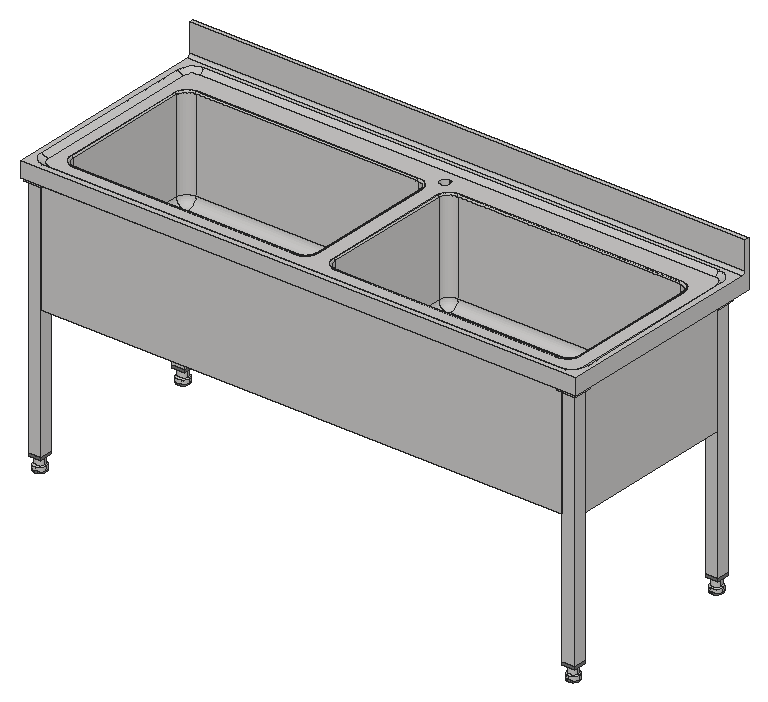
Revit family "QF_ELECTROLUXPROFESSIONAL_133117_VLP1802SEN", category Attrezzature speciali, Revit 2020
Family settings
  Quota connettore circolare = Usa diametro
  Tipo di parte = Normale
  Basato su piano di lavoro = No
  Sempre verticale = Sì
  Taglio con vuoti quando caricato = No
  Condiviso = No
  Punto di calcolo locali = No
Parameters (values of type "Standard")
  Weight = 72.00 kg
  Watts = 0 W
  Volts = 0 V
  URL Manufacturer = "https://www.electroluxprofessional.com/"
  URL = "https://www.electroluxprofessional.com/"
  Steam Supply Size = 0 mm
  Steam Supply Minimum Pressure = 0.0 Pa
  Steam Supply Maximum Pressure = 0.0 Pa
  Steam Consumption per Hour = 0
  Refrigeration Suction Line Size = 0.0 mm
  Refrigeration Liquid Line Size = 0.0 mm
  Refrigerant Compressor Remote = yes
  Prospetto di default = 0.0 mm
  Phase = 0
  Modello = "VLP1802SEN"
  Produttore = "Electrolux Professional"
  Length Actual = 1800.0 mm  # constant formula
  Item Number = "133117"
  Hot Water Size = 0 mm
  Height Actual = 900.0 mm  # constant formula
  HP = "0 HP"
  Gas Size = 0 mm
  Gas KW = 0
  Gas Input Pressure = 0 W
  Direct Waste Size = 50.8 mm
  Descrizione = "SOAKING SINK UNIT, WITH 2 BOWLS (800X510X340MM), 1800MM"
  Depth Actual = 700.0 mm  # constant formula
  Cycle = 0 Hz
  Condensate Return Size = 0 mm
  Compressed Air Volume = 0.0 L/s
  Compressed Air Size = 0 mm
  Compressed Air Pressure = 0.0 Pa
  Cold Water Size = 0 mm
  Accessory = yes
Reference planes
  plane 1 "Center (Front/Back)": y = 0
  plane 2: z = 0
  plane 3 "LEFT": x = -1000
  plane 4 "RIGHT": x = 800
  plane 5 "BACK": y = 350
  plane 6 "FRONT": y = -350
  plane 7 "Base": z = 850
  plane 8 "TOP": z = 900
  plane 9 "Sink_Base": z = 608
  plane 10: z = 441
  plane 11 "PlaneGrid": z = 890
  plane 12: y = 246.5
  plane 13: y = 141
  plane 14 "Center (Left/Right)": x = -100
  plane 15: x = -205
  plane 16: x = 5
Forms (mm)
  Extrusion 1, solid, material "QF_Finishes_Stainless Steel"
    sketch origin (-100, 0, 0) x (0, 1, 0) y (0, 0, 1)
      loop
        line (-350, 850) -> (350, 850) -> (350, 1000) -> (337, 1000) -> (337, 910)
        arc (337, 910) -> (334.071, 902.929) -> (327, 900) r 10
        line (327, 900) -> (-350, 900) -> (-350, 850)
    from 900 to -900
  Extrusion 2, void
    sketch origin (-106.5, -23.5, 608) x (0, -1, 0) y (1, 0, 0)
      loop
        circle (-270, 6.5) r 16
    from 292 to 170.245
  Blend 3, void
    base sketch origin (0, 0, 900) x (0, 1, 0) y (-1, 0, 0)
      loop
        arc (312.89, 934.89) -> (298.832, 968.832) -> (264.89, 982.89) r 48
        line (264.89, 982.89) -> (-284.89, 982.89)
        arc (-284.89, 982.89) -> (-318.832, 968.832) -> (-332.89, 934.89) r 48
        line (-332.89, 934.89) -> (-332.89, -734.89)
        arc (-332.89, -734.89) -> (-318.832, -768.832) -> (-284.89, -782.89) r 48
        line (-284.89, -782.89) -> (264.89, -782.89)
        arc (264.89, -782.89) -> (298.832, -768.832) -> (312.89, -734.89) r 48
        line (312.89, -734.89) -> (312.89, 934.89)
    top sketch origin (0, 0, 900) x (0, 1, 0) y (-1, 0, 0)
      loop
        arc (-284.457, 964.457) -> (-305.67, 955.67) -> (-314.457, 934.457) r 30
        line (-314.457, 934.457) -> (-314.457, -734.985)
        arc (-314.457, -734.985) -> (-305.67, -756.198) -> (-284.457, -764.985) r 30
        line (-284.457, -764.985) -> (264.457, -764.985)
        arc (264.457, -764.985) -> (285.67, -756.198) -> (294.457, -734.985) r 30
        line (294.457, -734.985) -> (294.457, 934.457)
        arc (294.457, 934.457) -> (285.67, 955.67) -> (264.457, 964.457) r 30
        line (264.457, 964.457) -> (-284.457, 964.457)
    from 0 to -10
  Extrusion 4, void
    sketch origin (100, -25.02, 900) x (0, 1, 0) y (-1, 0, 0)
      loop
        arc (247.02, 986) -> (235.304, 1014.284) -> (207.02, 1026) r 40
        line (207.02, 1026) -> (-212.98, 1026)
        arc (-212.98, 1026) -> (-241.264, 1014.284) -> (-252.98, 986) r 40
        line (-252.98, 986) -> (-252.98, 264)
        arc (-252.98, 264) -> (-241.264, 235.716) -> (-212.98, 224) r 40
        line (-212.98, 224) -> (207.02, 224)
        arc (207.02, 224) -> (235.304, 235.716) -> (247.02, 264) r 40
        line (247.02, 264) -> (247.02, 986)
      loop
        line (-252.98, 136) -> (-252.98, -586)
        arc (-252.98, -586) -> (-241.264, -614.284) -> (-212.98, -626) r 40
        line (-212.98, -626) -> (207.02, -626)
        arc (207.02, -626) -> (235.304, -614.284) -> (247.02, -586) r 40
        line (247.02, -586) -> (247.02, 136)
        arc (247.02, 136) -> (235.304, 164.284) -> (207.02, 176) r 40
        line (207.02, 176) -> (-212.98, 176)
        arc (-212.98, 176) -> (-241.264, 164.284) -> (-252.98, 136) r 40
    from 63.904 to -121.755
Cuts and joins
  Extrusion 2, Blend 3, Extrusion 4 cuts Extrusion 1
Lines and regions (mm)
  symbolic lines
    curve 1: line (800, 350, 900) -> (-1000, 350, 900)
    curve 2: line (-1000, 350, 900) -> (-1000, -350, 900)
    curve 3: line (-1000, -350, 900) -> (800, -350, 900)
    curve 4: line (800, -350, 900) -> (800, 350, 900)
    curve 5: line (800, 337, 900) -> (-1000, 337, 900)
    curve 6: line (-982.89, -257.89, 900) -> (-982.89, 237.89, 900)
    curve 7: circle (-100, 246.5, 900) r 16 normal (0, 0, 1)
    curve 8: arc (-982.89, 264.89, 900) -> (-968.832, 298.832, 900) -> (-934.89, 312.89, 900) r 48
    curve 9: line (-934.89, 312.89, 900) -> (734.89, 312.89, 900)
    curve 10: line (-982.89, -284.89, 900) -> (-982.89, 264.89, 900)
    curve 11: arc (-934.89, -332.89, 900) -> (-968.832, -318.832, 900) -> (-982.89, -284.89, 900) r 48
    curve 12: line (734.89, -332.89, 900) -> (-934.89, -332.89, 900)
    curve 13: arc (782.89, -284.89, 900) -> (768.832, -318.832, 900) -> (734.89, -332.89, 900) r 48
    curve 14: line (782.89, 264.89, 900) -> (782.89, -284.89, 900)
    curve 15: arc (734.89, 312.89, 900) -> (768.832, 298.832, 900) -> (782.89, 264.89, 900) r 48
    curve 16: line (764.985, -284.457, 900) -> (764.985, 264.457, 900)
    curve 17: arc (764.985, 264.457, 900) -> (756.198, 285.67, 900) -> (734.985, 294.457, 900) r 30
    curve 18: line (734.985, 294.457, 900) -> (-934.457, 294.457, 900)
    curve 19: arc (-934.457, 294.457, 900) -> (-955.67, 285.67, 900) -> (-964.457, 264.457, 900) r 30
    curve 20: line (-964.457, 264.457, 900) -> (-964.457, -284.457, 900)
    curve 21: arc (-964.457, -284.457, 900) -> (-955.67, -305.67, 900) -> (-934.457, -314.457, 900) r 30
    curve 22: line (-934.457, -314.457, 900) -> (734.985, -314.457, 900)
    curve 23: arc (734.985, -314.457, 900) -> (756.198, -305.67, 900) -> (764.985, -284.457, 900) r 30
Dimensions and locks
  plane 3 "LEFT" to plane 4 "RIGHT" = 1800.0 mm  (x2)
  locked: plane 7 "Base" to level at 850
  locked: Extrusion 1 to level at 1000
  plane 8 "TOP" to level = 900.0 mm
  plane 5 "BACK" to plane 6 "FRONT" = 700.0 mm
  equal spacing: plane 5 "BACK", plane 1 "Center (Front/Back)", plane 6 "FRONT"
  plane 9 "Sink_Base" to level = 608.0 mm
  plane 10 to level = 441.0 mm
  locked: plane 5 "BACK" to plane 13 at 209
  aligned and locked: level to plane 2
  aligned and locked: curve 2 to plane 3 "LEFT"
Automatic sketch dimensions
  plane 6 "FRONT" to Blend 3 sketch curve = 17.11 mm
  Blend 3 sketch curve to Blend 3 sketch curve = 48.0 mm  (x3)
  plane 3 "LEFT" to Blend 3 sketch curve = 17.11 mm
  plane 6 "FRONT" to Blend 3 sketch curve = 65.11 mm
  Blend 3 sketch curve to plane 5 "BACK" = 37.11 mm
  Blend 3 sketch curve to plane 4 "RIGHT" = 65.11 mm
  curve 3 to plane 4 "RIGHT" = 0.0 mm
  curve 3 to plane 6 "FRONT" = 0.0 mm
  curve 4 to plane 5 "BACK" = 0.0 mm
  curve 5 to plane 5 "BACK" = 13.0 mm
  plane 6 "FRONT" to curve 6 = 92.11 mm
  plane 3 "LEFT" to curve 6 = 17.11 mm
  plane 6 "FRONT" to Blend 3 sketch curve = 35.543 mm
  Blend 3 sketch curve to Blend 3 sketch curve = 30.0 mm  (x3)
  Blend 3 sketch curve to plane 4 "RIGHT" = 35.015 mm
  plane 3 "LEFT" to Blend 3 sketch curve = 65.543 mm
  curve 9 to plane 5 "BACK" = 37.11 mm
  curve 8 to curve 6 = 48.0 mm
  curve 10 to curve 6 = 27.0 mm
  curve 11 to curve 11 = 48.0 mm
  curve 12 to plane 4 "RIGHT" = 65.11 mm
  curve 13 to curve 13 = 48.0 mm
  curve 15 to curve 16 = 17.905 mm
  curve 17 to curve 15 = 0.095 mm
  curve 13 to curve 16 = 0.433 mm
  curve 18 to curve 8 = 0.433 mm
  curve 19 to curve 8 = 0.433 mm
  curve 11 to curve 20 = 0.433 mm
  curve 21 to curve 11 = 0.433 mm
  curve 22 to curve 13 = 0.095 mm
  plane 6 "FRONT" to Extrusion 4 sketch curve = 72.0 mm  (x2)
  Extrusion 4 sketch curve to Extrusion 4 sketch curve = 40.0 mm  (x5)
  Extrusion 4 sketch curve to Extrusion 4 sketch curve = 0.0 mm  (x2)
  Extrusion 4 sketch curve to plane 4 "RIGHT" = 114.0 mm
  plane 3 "LEFT" to Extrusion 4 sketch curve = 114.0 mm
  curve 19 to curve 18 = 30.0 mm
  curve 17 to curve 17 = 30.0 mm
  curve 7 to plane 5 "BACK" = 103.5 mm
  curve 6 to curve 8 = 27.0 mm
  Extrusion 2 sketch curve to plane 5 "BACK" = 103.5 mm
  Blend 3 sketch curve to plane 5 "BACK" = 85.543 mm  (x2)
  Extrusion 4 sketch curve to plane 12 = 64.5 mm  (x3)
  Extrusion 4 sketch curve to Extrusion 4 sketch curve = 48.0 mm
  curve 15 to curve 7 = 834.89 mm
  Extrusion 2 sketch curve to plane 4 "RIGHT" = 900.0 mm
  Extrusion 4 sketch curve to plane 4 "RIGHT" = 836.0 mm
  Extrusion 1 sketch curve to plane 6 "FRONT" = 0.0 mm
  Extrusion 1 sketch curve to plane 8 "TOP" = 0.0 mm
  Extrusion 1 sketch curve to plane 5 "BACK" = 0.0 mm
  Extrusion 1 sketch curve to plane 7 "Base" = 0.0 mm
  plane 8 "TOP" to Extrusion 1 sketch curve = 10.0 mm
  Extrusion 1 sketch curve to plane 5 "BACK" = 23.0 mm
  Extrusion 1 sketch curve to Extrusion 1 sketch curve = 90.0 mm
  radius of Extrusion 2 sketch curve = 16.0 mm
  radius of curve 7 = 16.0 mm
Nested families
  nested 1: "SINK_Vasca80x50_T3_DEEP" at (-524.949, -28, 0), type "SINK_Vasca80x50_T3_DEEP"
  nested 2: "SINK_Vasca80x50_T3_DEEP" at (324.949, -28, 0) x (-1, 0, 0) z (0, 0, 1), type "SINK_Vasca80x50_T3_DEEP"
  nested 3: "TAV_W1800_CASSH" at (-250, 0, 0), type "TAV_W1800_CASSH"
Connectors
  piping at (-205, 141, 528.5), diameter 30
    settings: on nested 1, index 1, connector inside diameter 609.6 mm, connector length 0.0 mm, flow factor 0, pipe flow 0.0 L/s, pressure drop 0.0 Pa, fitting loss kfactor 0, connector angle 0.00°, fixture units 0, engagement length 0.0 mm, angle of deflection 0.00°, flow configuration 1, flow direction 2, fitting loss method 0, system type 16, joint type 0, gender type 0, connector reference index -1, connector utility 0, adjustable connector no, is connector primary yes, connector description "Drain 1"
  piping at (5, 141, 528.5), diameter 30
    settings: on nested 2, index 2, connector inside diameter 609.6 mm, connector length 0.0 mm, flow factor 0, pipe flow 0.0 L/s, pressure drop 0.0 Pa, fitting loss kfactor 0, connector angle 0.00°, fixture units 0, engagement length 0.0 mm, angle of deflection 0.00°, flow configuration 1, flow direction 2, fitting loss method 0, system type 16, joint type 0, gender type 0, connector reference index -1, connector utility 0, adjustable connector no, is connector primary no, connector description "Drain 2"
Definition of nested family "SINK_Vasca80x50_T3_DEEP"
  Parameters
    Width = 800.0 mm
    ScaricoY = 80.0 mm
    ScaricoX = 80.0 mm
    Default Elevation = 0.0 mm
    Height_Top = 900.0 mm
    FEET = 850.0 mm
    Depth = 500.0 mm
  Reference planes
    plane 1 "Center (Front/Back)": y = 0
    plane 2: z = 0
    plane 3 "Center (Left/Right)": x = 0
    plane 4 "Top": z = 900
    plane 5 "Left": x = -400
    plane 6 "Right": x = 400
    plane 7 "Back": y = 250
    plane 8 "Front": y = -250
    plane 9 "BaseVasca": z = 558
    plane 10: y = 169
    plane 11: x = 319.949
  Forms (mm)
    Sweep 1, solid
      path origin (1.49, 0, 900) x (-1, 0, 0) y (0, -1, 0)
        loop
          line (-398.51, 210) -> (-398.51, -210)
          arc (-398.51, -210) -> (-386.794, -238.284) -> (-358.51, -250) r 40
          line (-358.51, -250) -> (360.416, -250)
          arc (360.416, -250) -> (389.46, -237.97) -> (401.49, -208.926) r 41.074
          line (401.49, -208.926) -> (401.49, 209.721)
          arc (401.49, 209.721) -> (389.693, 238.203) -> (361.211, 250) r 40.279
          line (361.211, 250) -> (-358.51, 250)
          arc (-358.51, 250) -> (-386.794, 238.284) -> (-398.51, 210) r 40
      profile origin (400, 0, 900) x (-1, 0, 0) y (0, 0, 1)
        loop
          arc (5, -15) -> (3.536, -11.464) -> (0, -10) r 5
          line (0, -10) -> (0, -11.5)
          arc (0, -11.5) -> (2.475, -12.525) -> (3.5, -15) r 3.5
          line (3.5, -15) -> (3.5, -310.5)
          arc (3.5, -310.5) -> (12.726, -332.774) -> (35, -342) r 31.5
          line (35, -342) -> (35, -340.5)
          arc (35, -340.5) -> (13.787, -331.713) -> (5, -310.5) r 30
          line (5, -310.5) -> (5, -15)
    Revolve 2, solid
      sketch origin (319.949, -10, 0) x (0, 1, 0) y (0, 0, 1)
        loop
          line (195.5, 542.617) -> (207.058, 549.84) -> (207.058, 558) -> (205.558, 558) -> (205.558, 550.671) -> (194, 543.449) -> (194, 528.5) -> (195.5, 528.5) -> (195.5, 542.617)
        axis (179, 558) -> (179, 528.5)
      angle from 0 to 360
    Extrusion 3, solid
      sketch origin (49, 0, 558) x (0, -1, 0) y (1, 0, 0)
        loop
          line (-215, 311) -> (-215, -407.926)
          arc (-215, -407.926) -> (-213.221, -412.221) -> (-208.926, -414) r 6.074
          line (-208.926, -414) -> (209.721, -414)
          arc (209.721, -414) -> (213.454, -412.454) -> (215, -408.721) r 5.279
          line (215, -408.721) -> (215, 311)
          arc (215, 311) -> (213.536, 314.536) -> (210, 316) r 5
          line (210, 316) -> (-210, 316)
          arc (-210, 316) -> (-213.536, 314.536) -> (-215, 311) r 5
      from 0 to 1.5
    Extrusion 4, void
      sketch origin (0, 0, 558) x (0, -1, 0) y (1, 0, 0)
        loop
          circle (-169, 319.949) r 28
      from -140.513 to 32.144
  Cuts and joins
    Extrusion 4 cuts Sweep 1
    Extrusion 4 cuts Extrusion 3
    joined: Sweep 1, Extrusion 3
  Lines and regions (mm)
    symbolic lines
      curve 1: circle (319.949, 169.058, 0) r 16.5 normal (0, 0, -1)
      curve 2: arc (-360, 250, 0) -> (-388.284, 238.284, 0) -> (-400, 210, 0) r 40
      curve 3: arc (-400, -210, 0) -> (-388.284, -238.284, 0) -> (-360, -250, 0) r 40
      curve 4: line (-400, 210, 0) -> (-400, -210, 0)
      curve 5: line (-360, -250, 0) -> (360, -250, 0)
      curve 6: line (360, 250, 0) -> (-360, 250, 0)
      curve 7: arc (360, -250, 0) -> (388.284, -238.284, 0) -> (400, -210, 0) r 40
      curve 8: arc (400, 210, 0) -> (388.284, 238.284, 0) -> (360, 250, 0) r 40
      curve 9: line (400, 210, 0) -> (400, -210, 0)
  Dimensions and locks
    equal spacing: plane 5 "Left", plane 3 "Center (Left/Right)", plane 6 "Right"
    "Width": plane 5 "Left" to plane 6 "Right"
    equal spacing: plane 7 "Back", plane 1 "Center (Front/Back)", plane 8 "Front"
    "Depth": plane 7 "Back" to plane 8 "Front"
    "Height_Top": plane 4 "Top" to level
    plane 9 "BaseVasca" to level = 558.0 mm
    aligned and locked: level to plane 2
  Automatic sketch dimensions
    curve 4 to plane 5 "Left" = 0.0 mm
    curve 6 to plane 7 "Back" = 0.0 mm
    curve 3 to plane 8 "Front" = 0.0 mm
    curve 1 to plane 11 = 0.0 mm
    curve 7 to plane 6 "Right" = 0.0 mm
    curve 4 to curve 3 = 40.0 mm
    plane 5 "Left" to curve 6 = 40.0 mm
    curve 6 to plane 6 "Right" = 40.0 mm
    curve 5 to plane 6 "Right" = 40.0 mm
    plane 10 to curve 1 = 0.058 mm
    Sweep 1 sketch curve to plane 6 "Right" = 0.0 mm
    Sweep 1 sketch curve to plane 8 "Front" = 0.0 mm
    Sweep 1 sketch curve to plane 7 "Back" = 0.0 mm
    Sweep 1 sketch curve to plane 5 "Left" = 0.0 mm
    Sweep 1 sketch curve to Sweep 1 sketch curve = 40.0 mm  (x2)
    plane 10 to Sweep 1 sketch curve = 39.926 mm
    plane 5 "Left" to Sweep 1 sketch curve = 40.279 mm
    Sweep 1 sketch curve to Sweep 1 sketch curve = 0.0 mm  (x4)
    Sweep 1 sketch curve to profile plane = 0.0 mm
    Sweep 1 sketch curve to profile plane = 3.5 mm
    Sweep 1 sketch curve to Sweep 1 sketch curve = 1.5 mm
    Sweep 1 sketch curve to Sweep 1 sketch curve = 30.0 mm
    Sweep 1 sketch curve to plane 4 "Top" = 342.0 mm
    Sweep 1 sketch curve to plane 4 "Top" = 15.0 mm
    Revolve 2 sketch curve to plane 10 = 0.0 mm
    plane 9 "BaseVasca" to Revolve 2 sketch curve = 0.0 mm
    plane 10 to Revolve 2 sketch curve = 15.0 mm
    Revolve 2 sketch curve to Revolve 2 sketch curve = 1.5 mm  (x2)
    Revolve 2 sketch curve to Revolve 2 sketch curve = 10.058 mm
    plane 9 "BaseVasca" to Revolve 2 sketch curve = 7.329 mm
    Revolve 2 sketch curve to Revolve 2 sketch curve = 0.831 mm  (x2)
    Revolve 2 sketch curve to Revolve 2 sketch curve = 7.222 mm
    Revolve 2 sketch curve to Revolve 2 sketch curve = 14.117 mm
    Revolve 2 sketch curve to Revolve 2 sketch curve = 22.0 mm
    Revolve 2 sketch curve to plane 9 "BaseVasca" = 88.5 mm
    Extrusion 4 sketch curve to plane 10 = 0.0 mm
    Extrusion 4 sketch curve to plane 11 = 0.0 mm
    Extrusion 3 sketch curve to plane 7 "Back" = 35.0 mm
    Extrusion 3 sketch curve to Extrusion 3 sketch curve = 6.074 mm
    plane 5 "Left" to Extrusion 3 sketch curve = 35.0 mm
    Extrusion 3 sketch curve to Extrusion 3 sketch curve = 5.0 mm
    plane 8 "Front" to Extrusion 3 sketch curve = 40.0 mm
    Extrusion 3 sketch curve to Extrusion 3 sketch curve = 5.279 mm
    Extrusion 3 sketch curve to plane 6 "Right" = 40.0 mm  (x2)
    radius of curve 1 = 16.5 mm
    radius of Extrusion 4 sketch curve = 28.0 mm
Definition of nested family "TAV_W1800_CASSH"
  Parameters
    Default Elevation = 0.0 mm
    Model = "TAV_W1800_CASSH"
    Manufacturer = "Electrolux Professional"
    Description = ""
  Reference planes
    plane 1 "Center (Front/Back)": y = 0
    plane 2: z = 0
    plane 3 "Center (Left/Right)": x = 150
    plane 4 "LEFT": x = -750
    plane 5 "RIGHT": x = 1050
    plane 6 "BACK": y = 350
    plane 7 "FRONT": y = -350
    plane 8 "Base": z = 850
    plane 9 "TOP": z = 900
    plane 10: x = -714.5
    plane 11: x = 1014.5
    plane 12: y = 265.5
    plane 13: y = -314.5
    plane 14: x = -694.5
    plane 15: x = 994.5
    plane 16 "RIPIANO": z = 200
  Forms (mm)
    Extrusion 1, solid
      sketch origin (0, 0.5, 850) x (0, 1, 0) y (-1, 0, 0)
        loop
          line (245, 734.5) -> (-295, 734.5) -> (-295, 733) -> (245, 733) -> (245, 734.5)
        loop
          line (-295, -1034.5) -> (285, -1034.5) -> (285, -1033) -> (-295, -1033) -> (-295, -1034.5)
        loop
          line (-335, 694.5) -> (-335, -994.5) -> (-333.5, -994.5) -> (-333.5, 694.5) -> (-335, 694.5)
      from -10 to -370
    Extrusion 2, solid
      sketch origin (-4.534, 0, 850) x (0, 1, 0) y (-1, 0, 0)
        loop
          line (235.5, 729.966) -> (-284.5, 729.966) -> (-284.5, 689.966) -> (235.5, 689.966) -> (235.5, 729.966)
        loop
          line (-334.506, 679.966) -> (-334.506, -989.034) -> (-294.506, -989.034) -> (-294.506, 679.966) -> (-334.506, 679.966)
        loop
          line (-284.5, -1039.034) -> (235.5, -1039.034) -> (235.5, -999.034) -> (-284.5, -999.034) -> (-284.5, -1039.034)
        loop
          line (285.5, 679.966) -> (245.5, 679.966) -> (245.5, -989.034) -> (285.5, -989.034) -> (285.5, 679.966)
      from 0 to -10
  Lines and regions (mm)
    symbolic lines, detail levels coarse
      curve 1: line (-750, 350, 200) -> (1050, 350, 200)
      curve 2: line (-750, -350, 200) -> (-750, 350, 200)
      curve 3: line (1050, -350, 200) -> (-750, -350, 200)
      curve 4: line (1050, 350, 200) -> (1050, -350, 200)
  Dimensions and locks
    plane 4 "LEFT" to plane 5 "RIGHT" = 1800.0 mm
    equal spacing: plane 4 "LEFT", plane 3 "Center (Left/Right)", plane 5 "RIGHT"
    locked: plane 8 "Base" to level at 850
    plane 4 "LEFT" to plane 10 = 35.5 mm
    plane 11 to plane 5 "RIGHT" = 35.5 mm
    plane 10 to plane 11 = 1729.0 mm
    plane 9 "TOP" to level = 900.0 mm
    plane 6 "BACK" to plane 12 = 84.5 mm
    plane 13 to plane 7 "FRONT" = 35.5 mm
    plane 6 "BACK" to plane 7 "FRONT" = 700.0 mm
    plane 12 to plane 13 = 580.0 mm
    equal spacing: plane 6 "BACK", plane 1 "Center (Front/Back)", plane 7 "FRONT"
    locked: plane 14 to plane 4 "LEFT" at 55.5
    locked: plane 5 "RIGHT" to plane 15 at 55.5
    plane 16 "RIPIANO" to level = 200.0 mm
    plane 2 to plane 16 "RIPIANO" to plane 8 "Base" = 200.0 mm, 650.0 mm
    aligned and locked: level to plane 2
    aligned and locked: plane 10 to nested 1
    aligned and locked: nested 1 to plane 13
    aligned and locked: plane 11 to nested 2
    aligned and locked: nested 2 to plane 13
    aligned and locked: plane 11 to nested 4
    aligned and locked: nested 4 to plane 12
    aligned and locked: plane 10 to nested 3
    aligned and locked: nested 3 to plane 12
    aligned and locked: plane 14 to Extrusion 1 sketch curve
    aligned and locked: Extrusion 1 sketch curve to plane 15
    aligned and locked: Extrusion 1 to Extrusion 2
  Automatic sketch dimensions
    plane 7 "FRONT" to Extrusion 1 sketch curve = 15.5 mm
    plane 13 to Extrusion 1 sketch curve = 20.0 mm  (x2)
    plane 4 "LEFT" to Extrusion 1 sketch curve = 15.5 mm
    Extrusion 1 sketch curve to plane 5 "RIGHT" = 15.5 mm
    Extrusion 1 sketch curve to Extrusion 1 sketch curve = 1.5 mm  (x3)
    Extrusion 1 sketch curve to plane 6 "BACK" = 104.5 mm
    Extrusion 1 sketch curve to plane 6 "BACK" = 64.5 mm
    plane 15 to Extrusion 2 sketch curve = 10.0 mm  (x2)
    plane 7 "FRONT" to Extrusion 2 sketch curve = 15.494 mm
    plane 13 to Extrusion 2 sketch curve = 19.994 mm
    Extrusion 2 sketch curve to plane 5 "RIGHT" = 15.5 mm
    plane 13 to Extrusion 2 sketch curve = 30.0 mm  (x2)
    Extrusion 2 sketch curve to plane 14 = 0.0 mm
    Extrusion 2 sketch curve to plane 12 = 30.0 mm  (x2)
    Extrusion 2 sketch curve to plane 12 = 20.0 mm
    plane 12 to Extrusion 2 sketch curve = 20.0 mm
    Extrusion 2 sketch curve to plane 15 = 0.0 mm
    Extrusion 2 sketch curve to plane 14 = 10.0 mm  (x2)
    Extrusion 2 sketch curve to plane 10 = 20.0 mm
    curve 3 to plane 4 "LEFT" = 0.0 mm
    curve 3 to plane 7 "FRONT" = 0.0 mm
    curve 2 to plane 6 "BACK" = 0.0 mm
    curve 1 to plane 5 "RIGHT" = 0.0 mm
  Nested families
    nested 1: "FEET_40x40_TAV" at (-714.5, -314.5, 0), type "FEET_40x40_TAV"
    nested 2: "FEET_40x40_TAV" at (1014.5, -314.5, 0), type "FEET_40x40_TAV"
    nested 3: "FEET_40x40_TAV" at (-714.5, 265.5, 0), type "FEET_40x40_TAV"
    nested 4: "FEET_40x40_TAV" at (1014.5, 265.5, 0), type "FEET_40x40_TAV"
  Definition of nested family "FEET_40x40_TAV"
    Parameters
      Default Elevation = 0.0 mm
      FEET = 850.0 mm
    Reference planes
      plane 1 "Center (Front/Back)": y = 0
      plane 2: z = 0
      plane 3 "Center (Left/Right)": x = 0
      plane 4: z = 850
    Forms (mm)
      Extrusion 1, solid
        sketch origin (0, 0, 0) x (1, 0, 0) y (0, 1, 0)
          loop
            line (-20, -20) -> (20, -20) -> (20, 20) -> (-20, 20) -> (-20, -20)
        from 50 to 840
      Extrusion 2, solid
        sketch origin (0, 0, 0) x (1, 0, 0) y (0, 1, 0)
          loop
            circle (0, 0) r 20
        from 0 to 5
      Extrusion 3, solid
        sketch origin (0, 0, 0) x (1, 0, 0) y (0, 1, 0)
          loop
            line (30, 30) -> (-30, 30) -> (-30, -30) -> (30, -30) -> (30, 30)
        from 840 to 850
      Extrusion 4, solid
        sketch origin (0, 0, 0) x (1, 0, 0) y (0, 1, 0)
          loop
            line (-20, -20) -> (20, -20) -> (20, 20) -> (-20, 20) -> (-20, -20)
        from 50 to 42
      Revolve 5, solid
        sketch origin (0, 0, 0) x (1, 0, 0) y (0, 0, 1)
          loop
            line (0, 42) -> (-15, 42) -> (-15, 20) -> (-20, 15) -> (-20, 5) -> (0, 5) -> (0, 42)
          axis (0, 42) -> (0, 5)
        angle from 0 to 360
    Lines and regions (mm)
      symbolic lines
        curve 1: line (0, -1.503, 0) -> (0, 1.508, 0)
        curve 2: line (1.561, 0, 0) -> (-1.439, 0, 0)
    Dimensions and locks
      "FEET": plane 4 to plane 2
      aligned and locked: level to plane 2
    Automatic sketch dimensions
      plane 1 "Center (Front/Back)" to curve 2 = 0.0 mm
      curve 1 to plane 3 "Center (Left/Right)" = 0.0 mm
      curve 2 to plane 3 "Center (Left/Right)" = 1.439 mm
      plane 3 "Center (Left/Right)" to curve 2 = 1.561 mm
      plane 1 "Center (Front/Back)" to curve 1 = 1.503 mm
      curve 1 to plane 1 "Center (Front/Back)" = 1.508 mm
      Extrusion 1 sketch curve to plane 3 "Center (Left/Right)" = 20.0 mm
      plane 3 "Center (Left/Right)" to Extrusion 1 sketch curve = 20.0 mm
      plane 1 "Center (Front/Back)" to Extrusion 1 sketch curve = 20.0 mm
      Extrusion 1 sketch curve to plane 1 "Center (Front/Back)" = 20.0 mm
      plane 1 "Center (Front/Back)" to Extrusion 2 sketch curve = 0.0 mm
      Extrusion 2 sketch curve to plane 3 "Center (Left/Right)" = 0.0 mm
      Extrusion 3 sketch curve to plane 3 "Center (Left/Right)" = 30.0 mm
      plane 3 "Center (Left/Right)" to Extrusion 3 sketch curve = 30.0 mm
      plane 1 "Center (Front/Back)" to Extrusion 3 sketch curve = 30.0 mm
      Extrusion 3 sketch curve to plane 1 "Center (Front/Back)" = 30.0 mm
      Extrusion 4 sketch curve to plane 3 "Center (Left/Right)" = 20.0 mm
      plane 3 "Center (Left/Right)" to Extrusion 4 sketch curve = 20.0 mm
      plane 1 "Center (Front/Back)" to Extrusion 4 sketch curve = 20.0 mm
      Extrusion 4 sketch curve to plane 1 "Center (Front/Back)" = 20.0 mm
      Revolve 5 sketch curve to plane 3 "Center (Left/Right)" = 0.0 mm  (x2)
      Revolve 5 sketch curve to plane 3 "Center (Left/Right)" = 15.0 mm
      Revolve 5 sketch curve to Revolve 5 sketch curve = 5.0 mm  (x3)
      level to Revolve 5 sketch curve = 5.0 mm
      Revolve 5 sketch curve to Revolve 5 sketch curve = 10.0 mm
      Revolve 5 sketch curve to Revolve 5 sketch curve = 22.0 mm
      Revolve 5 sketch curve to level = 9.561 mm
      radius of Extrusion 2 sketch curve = 20.0 mm
